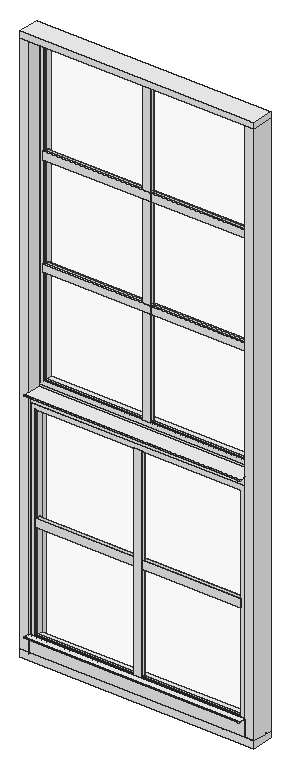
Revit family "Single_Hung-PGT-Aluminum-SH700-Proviewd", category Windows, host Wall, Revit 2015
Parameters (values of type "Refer to Type Catalog")
  Width Calc = Width - 3.498"  # 26.502"
  URL = "http://www.pgtindustries.com/"
  Type Comments = "Proview/Oriel"  # constant formula
  Top Sash = if(not(Height > 31.9"), (((Height - 7") / 3) * 2) + 3.409", (((Height - 7") / 5) * 3) + 3.309")  # 42.309"
  Rough Width = Width  # 30"
  Rough Height = Height  # 72"
  Product Style Guide = "http://www.pgtindustries.com/pro-zone/architect/download?destination=node/97061"
  Product Page URL = "http://www.pgtindustries.com/product-overview/sh700"
  Model = "SH700"  # constant formula
  Minimum Size = "13 1/2” x 30”"  # constant formula
  Maximum Size = "53 1/8” x 76”"  # constant formula
  Manufacturer = "PGT Industries"  # constant formula
  Height Calc Top = Top Sash - 3.356"  # 38.953"
  Height Calc Bottom = Height - (Top Sash + 3.591")  # 26.1"
  Height = 72"
  Grid Type Top Sash = Face_Based_Mullion_ 401 : 2C3R
  Grid Type Bottom Sash = Face_Based_Mullion_ 401 : 2C2R
  Grid Layout Note = "To edit the grid layout ensure the 'Grid' parameter is turned on and then select an option from the 'Grid Type Bottom Sash' & 'Grid Type Top Sash' drop downs.  Please refer to the 'Product Style Guide' for standard configurations and restrictions."  # constant formula
  Grid = yes
  Finish = Metal - PGT - Paint - White
  Description = "Aluminum Single Hung Window - Proview"  # constant formula
  Default Sill Height = 36"
  Wall Closure = By host
  Width = 30"
  Custom Design Note = "The types included show default grid/size configurations.  Please reference the 'Product Style Guide' to see all standard configurations and restrictions before creating custom designs.  Please contact PGT Industries with any questions regarding custom designs."  # constant formula
  Construction Type = ""
  Color Glass = Glass - PGT - Clear
  BP Calc = Width Calc / 6  # 4.417"
  Assembly Code = "B2020.10"
  Analytic Construction = "<None>"
Reference planes (in)
  plane 1 "Center (Front/Back)": y = 0
  plane 2: z = -0.001
  plane 3 "Center (Left/Right)": x = 0
  plane 4 "Left": x = -15
  plane 5 "Right": x = 15
  plane 6 "Sill": z = 35.999
  plane 7 "Top": z = 107.999
  plane 8 "Exterior Face": y = 3
  plane 9: x = 13.876
  plane 10: x = -13.876
  plane 11: z = 36.65386
  plane 12 "Meeting": z = 65.69
  plane 13: z = 67.058
  plane 14: z = 67.683
  plane 15: z = 65.065
  plane 16: x = -13.251
  plane 17: x = 13.251
  plane 18: z = 38.965
  plane 19 "Interior Face": y = 0.278
  plane 20: y = 3.062
  plane 21: z = 38.34
  plane 22: z = 106.636
  plane 23: z = 107.261
  plane 24: y = 0.45962
  plane 25 "Exterior Face of Glass Upper": y = 2.353
  plane 26 "Exterior Face of Glass Lower": y = 0.93986
  plane 27: y = 1.952
  plane 28: y = 0.53886
  plane 29: z = 87.1595
  plane 30: z = 52.015
Forms (in)
  Sweep 1, solid, material "Metal - PGT - Paint - White" <- "Finish"
    path origin (0, 0, 107.999) x (0, -1, 0) y (1, 0, 0)
      loop
        line (-3, -15) -> (-3, 15)
    profile "Profile-SH700-Top_Rail : Profile-SH700-Top_Rail" origin (0, 3, 107.999) x (0, 1, 0) y (0, 0, 1)
      loop
        line (-2.722, -0.738) -> (0.062, -0.738) -> (0.062, 0) -> (-2.722, 0) -> (-2.722, -0.738)
  Sweep 2, solid, material "Metal - PGT - Paint - White" <- "Finish"
    path origin (0, 0, 35.999) x (0, -1, 0) y (1, 0, 0)
      loop
        line (-3, -15) -> (-3, 15)
    profile "Profile-SH700-Bottom_Rail : Profile-SH700-Bottom_Rail" origin (0, 3, 35.999) x (0, 1, 0) y (0, 0, 1)
      loop
        line (0.062, 0) -> (0.062, 0.65486) -> (-0.667, 0.71864) -> (-0.667, 0.83801)
        arc (-0.667, 0.83801) -> (-0.692, 0.86301) -> (-0.717, 0.83801) r 0.025
        line (-0.717, 0.83801) -> (-0.717, 0.72301) -> (-2.722, 0.89842) -> (-2.722, 0) -> (0.062, 0)
  Sweep 3, solid, material "Metal - PGT - Paint - White" <- "Finish"
    path origin (0, 0, 35.999) x (0, -1, 0) y (1, 0, 0)
      loop
        line (-3, -13.876) -> (-3, 13.876)
    profile "Profile-SH700-Bottom_Sash : Profile-SH700-Bottom_Sash" origin (0, 3, 35.999) x (0, 1, 0) y (0, 0, 1)
      loop
        line (-1.19205, 0.76457) -> (-1.19205, 2.21602)
        arc (-1.19205, 2.21602) -> (-1.22866, 2.30441) -> (-1.31705, 2.34102) r 0.125
        line (-1.31705, 2.34102) -> (-2.54, 2.34102) -> (-2.54, 2.96562) -> (-3.47105, 2.96562)
        arc (-3.47105, 2.96562) -> (-3.51418, 2.93729) -> (-3.50533, 2.88646) r 0.047
        arc (-3.50533, 2.88646) -> (-3.45516, 2.87438) -> (-3.42414, 2.91562) r 0.047
        line (-3.42414, 2.91562) -> (-2.722, 2.91562) -> (-2.722, 0.89842) -> (-1.19205, 0.76457)
  Sweep 4, solid, material "Metal - PGT - Paint - White" <- "Finish"
    path origin (-60, 3, 48) x (-1, 0, 0) y (0, 0, 1)
      loop
        line (-75, -11.34614) -> (-75, 59.262)
    profile "Profile-SH700-Stile : Profile-SH700-Stile" origin (15, 3, 71.95793) x (1, 0, 0) y (0, 1, 0)
      loop
        line (0, 0.062) -> (-1.123, 0.062) -> (-1.123, -2.648) -> (0, -2.648) -> (0, 0.062)
  Sweep 5, solid, material "Metal - PGT - Paint - White" <- "Finish"
    path origin (60, 3, 48) x (1, 0, 0) y (0, 0, -1)
      loop
        line (-75, 11.34614) -> (-75, -59.262)
    profile "Profile-SH700-Stile : Profile-SH700-Stile" origin (-15, 3, 71.95793) x (1, 0, 0) y (0, 1, 0)
      loop
        line (0, 0.062) -> (0, -2.648) -> (1.123, -2.648) -> (1.123, 0.062) -> (0, 0.062)
  Sweep 6, solid, material "Metal - PGT - Paint - White" <- "Finish"
    path origin (0, 0, 65.69) x (0, 1, 0) y (-1, 0, 0)
      loop
        line (3, -13.876) -> (3, 13.872)
    profile "Profile-SH700-Meeting : Profile-SH700-Meeting" origin (0.002, 3, 65.69) x (0, -1, 0) y (0, 0, 1)
      loop
        line (2.54038, 0.00007) -> (2.54038, 1.10283) -> (3.34708, 1.10283)
        arc (3.34708, 1.10283) -> (3.38535, 1.04555) -> (3.45292, 1.05899) r 0.062
        arc (3.45292, 1.05899) -> (3.46635, 1.12656) -> (3.40908, 1.16483) r 0.062
        line (3.40908, 1.16483) -> (1.12299, 1.16483) -> (1.12299, 1.36807) -> (-0.06184, 1.36807) -> (-0.06184, -0.03655) -> (0.66701, -0.03655) -> (0.66701, -0.13824)
        arc (0.66701, -0.13824) -> (0.6921, -0.16333) -> (0.7172, -0.13824) r 0.0251
        line (0.7172, -0.13824) -> (0.7172, 0.00007) -> (2.54038, 0.00007)
  Extrusion 7, solid, material "Glass - PGT - Clear" <- "Color Glass"
    sketch origin (0, 0, 0) x (0, 1, 0) y (0, 0, 1)
      loop
        line (1.952, 106.636) -> (1.952, 67.683) -> (2.077, 67.683) -> (2.077, 106.636) -> (1.952, 106.636)
      loop
        line (2.228, 106.636) -> (2.228, 67.683) -> (2.353, 67.683) -> (2.353, 106.636) -> (2.228, 106.636)
      loop
        line (0.53886, 38.965) -> (0.66386, 38.965) -> (0.66386, 65.065) -> (0.53886, 65.065) -> (0.53886, 38.965)
      loop
        line (0.81486, 38.965) -> (0.93986, 38.965) -> (0.93986, 65.065) -> (0.81486, 65.065) -> (0.81486, 38.965)
    from -13.251 to 13.251
  Sweep 8, solid, material "Metal - PGT - Paint - White" <- "Finish"
    path origin (-60, 3, 48) x (-1, 0, 0) y (0, 0, 1)
      loop
        line (-73.251, 58.636) -> (-73.251, 19.683) -> (-46.749, 19.683) -> (-46.749, 58.636) -> (-73.251, 58.636)
    profile "Profile-SH700-Sash : Profile-SH700-Sash" origin (0, 3, 106.636) x (0, 0, 1) y (0, 1, 0)
      loop
        line (0, 0) -> (0, -0.647) -> (0.503, -0.647) -> (0.503, -1.048) -> (0, -1.048) -> (0, -1.12299) -> (0.625, -1.12299) -> (0.625, 0) -> (0, 0)
  Sweep 9, solid, material "Metal - PGT - Paint - White" <- "Finish"
    path origin (0, 0.278, 0) x (-1, 0, 0) y (0, 0, 1)
      loop
        line (13.251, 65.065) -> (-13.251, 65.065) -> (-13.251, 38.965) -> (13.251, 38.965) -> (13.251, 65.065)
    profile "Profile-SH700-Bottom Sash : Profile-SH700-Bottom Sash" origin (0, 0.278, 65.065) x (0, 0, -1) y (0, 1, 0)
      loop
        line (0, 1.30499) -> (-0.625, 1.30499) -> (-0.625, 0.182) -> (0, 0.182) -> (0, 0.26099) -> (-0.503, 0.26099) -> (-0.503, 0.66199) -> (0, 0.66199) -> (0, 1.30499)
Cuts and joins
  joined: Sweep 4, Sweep 5
Lines and regions (in)
  Opening 1
    outline origin (-60, -3, 0) x (1, 0, 0) y (0, 0, 1)
      loop
        line (45, 107.999) -> (45, 35.999) -> (75, 35.999) -> (75, 107.999) -> (45, 107.999)
  Masking region 1
    outline origin (0, 0, 59.95893) x (1, 0, 0) y (0, 1, 0)
      loop
        line (15, 3.062) -> (-15, 3.062) -> (-15, 0.278) -> (15, 0.278) -> (15, 3.062)
  Split face 1
    outline origin (-13.877, 3.062, 36.65386) x (0, 0, 1) y (0, -1, 0)
      loop
        line (0, 2.60238) -> (30.20097, 2.60238) -> (30.20097, 1.18499) -> (70.60814, 1.18499)
  Split face 2
    outline origin (-15, 0.278, 36.89742) x (1, 0, 0) y (0, 0.996195, -0.087156)
      loop
        line (0, 0.07434) -> (30, 0.07434)
  Split face 3
    outline origin (13.877, 0.352, 36.65386) x (0, 0, 1) y (0, 1, 0)
      loop
        line (70.60814, 1.52501) -> (26.60097, 1.52501) -> (26.60097, 0.18686) -> (0, 0.18686)
Text (in)
  text "EXTERIOR" at (-58.6888, 50.90694, 0), in view "Ref. Level"
  text "INTERIOR" at (-58.6888, -37.76638, 0), in view "Ref. Level"
  text "Exterior" at (0, 43.65631, 123.19604), in view "Left"
  text "Exterior" at (0, 18.29385, 125.04747), in view "Right"
Dimensions and locks (in)
  equal spacing: plane 4 "Left", plane 3 "Center (Left/Right)", plane 5 "Right"
  "Width": plane 4 "Left" to plane 5 "Right"
  "Height": plane 6 "Sill" to plane 7 "Top"
  "Default Sill Height": plane 2 to plane 6 "Sill"
  locked: plane 6 "Sill" to plane 11 at 0.65486
  locked: plane 15 to plane 14 at 2.618
  locked: plane 13 to plane 14 at 0.625
  locked: plane 15 to plane 12 "Meeting" at 0.625
  locked: plane 6 "Sill" to plane 18 at 2.966
  locked: plane 20 to plane 19 "Interior Face" at 2.784
  locked: plane 20 to plane 8 "Exterior Face" at 0.062
  locked: plane 4 "Left" to plane 16 at 1.749
  locked: plane 17 to plane 5 "Right" at 1.749
  locked: plane 17 to plane 9 at 0.625
  locked: plane 10 to plane 16 at 0.625
  locked: plane 21 to plane 18 at 0.625
  locked: plane 22 to plane 7 "Top" at 1.363
  locked: plane 22 to plane 23 at 0.625
  "Top Sash": plane 12 "Meeting" to plane 7 "Top"
  locked: plane 26 "Exterior Face of Glass Lower" to plane 19 "Interior Face" at 0.66186
  locked: plane 8 "Exterior Face" to plane 25 "Exterior Face of Glass Upper" at 0.647
  plane 27 to plane 25 "Exterior Face of Glass Upper" = 0.401"
  plane 26 "Exterior Face of Glass Lower" to plane 28 = 0.401"
  equal spacing: plane 14, plane 29, plane 22
  equal spacing: plane 18, plane 30, plane 15
  plane 17 to plane 16 = 26.502"
  locked: Sweep 6 to plane 14 at 0.82817
  locked: plane 6 "Sill" to Split face 3 sketch curve at 0.65486
  locked: Split face 3 sketch curve to plane 7 "Top" at 0.737
  locked: plane 6 "Sill" to Split face 1 sketch curve at 0.65486
  locked: Split face 1 sketch curve to plane 7 "Top" at 0.737
  locked: Split face 1 sketch curve to plane 13 at 0.20317
  aligned and locked: plane 7 "Top" to Opening 1 sketch curve
  aligned and locked: plane 6 "Sill" to Opening 1 sketch curve  (x2)
  aligned and locked: plane 5 "Right" to Opening 1 sketch curve
  aligned and locked: plane 4 "Left" to Opening 1 sketch curve
  aligned and locked: plane 8 "Exterior Face" to host wall
  aligned and locked: plane 11 to Sweep 4 sketch curve
  aligned and locked: plane 11 to Sweep 5 sketch curve
  aligned and locked: plane 9 to Sweep 3 sketch curve
  aligned and locked: plane 10 to Sweep 3 sketch curve
  aligned and locked: plane 5 "Right" to Sweep 1 sketch curve
  aligned and locked: plane 4 "Left" to Sweep 1 sketch curve
  aligned and locked: plane 22 to Sweep 8 sketch curve
  aligned and locked: Sweep 8 sketch curve to plane 17
  aligned and locked: Sweep 8 sketch curve to plane 14
  aligned and locked: plane 16 to Sweep 8 sketch curve
  aligned and locked: plane 14 to Extrusion 7  (x2)
  aligned and locked: Extrusion 7 to plane 22  (x2)
  aligned and locked: Sweep 9 sketch curve to plane 15
  aligned and locked: Sweep 9 sketch curve to plane 16
  aligned and locked: Sweep 9 sketch curve to plane 18
  aligned and locked: plane 17 to Sweep 9 sketch curve
  aligned and locked: Extrusion 7 to plane 15  (x2)
  aligned and locked: Extrusion 7 to plane 18  (x2)
  aligned and locked: Extrusion 7 to plane 16
  aligned and locked: plane 17 to Extrusion 7
  aligned and locked: plane 3 "Center (Left/Right)" to nested 1
  aligned and locked: nested 1 to plane 19 "Interior Face"
  aligned and locked: nested 2 to plane 3 "Center (Left/Right)"
  aligned and locked: nested 2 to plane 29
  aligned and locked: nested 3 to plane 30
  aligned and locked: nested 3 to plane 3 "Center (Left/Right)"
  aligned and locked: Masking region 1 sketch curve to cut or joined group of Sweep 4, Sweep 5  (x2)
  aligned and locked: nested 1 to Masking region 1 sketch curve
  aligned and locked: Masking region 1 sketch curve to nested 1
  aligned and locked: plane 26 "Exterior Face of Glass Lower" to Extrusion 7
  aligned and locked: Extrusion 7 to plane 28
  aligned and locked: plane 4 "Left" to Split face 2 sketch curve
  aligned and locked: plane 5 "Right" to Split face 2 sketch curve
Automatic sketch dimensions
  Sweep 1 sketch curve to plane 8 "Exterior Face" = 0"
  Sweep 2 sketch curve to plane 5 "Right" = 0"
  Sweep 2 sketch curve to plane 8 "Exterior Face" = 0"
  Sweep 2 sketch curve to plane 4 "Left" = 0"
  Sweep 3 sketch curve to plane 8 "Exterior Face" = 0"
  Sweep 6 sketch curve to plane 8 "Exterior Face" = 0"
  Sweep 6 sketch curve to plane 9 = 0"
  plane 10 to Sweep 6 sketch curve = 0.004"
  plane 5 "Right" to Sweep 4 sketch curve = 0"
  Sweep 4 sketch curve to plane 23 = 0.001"
  plane 4 "Left" to Sweep 5 sketch curve = 0"
  Sweep 5 sketch curve to plane 23 = 0.001"
  Extrusion 7 sketch curve to plane 18 = 0"  (x2)
  plane 15 to Extrusion 7 sketch curve = 0"  (x2)
  plane 14 to Extrusion 7 sketch curve = 0"  (x2)
  plane 22 to Extrusion 7 sketch curve = 0"  (x2)
  Extrusion 7 sketch curve to plane 24 = 0.07924"
  Extrusion 7 sketch curve to Extrusion 7 sketch curve = 1/8"  (x4)
  Extrusion 7 sketch curve to Extrusion 7 sketch curve = 0.151"  (x2)
  Extrusion 7 sketch curve to host wall = 1.048"
  Sweep 2 to Split face 2 sketch curve = 0.07434"
  Split face 3 sketch curve to cut or joined group of Sweep 4, Sweep 5 = 0.18686"
  Split face 3 sketch curve to cut or joined group of Sweep 4, Sweep 5 = 1.18499"
  cut or joined group of Sweep 4, Sweep 5 to Split face 3 sketch curve = 26.60097"
  Split face 1 sketch curve to cut or joined group of Sweep 4, Sweep 5 = 0.10762"
  Split face 1 sketch curve to cut or joined group of Sweep 4, Sweep 5 = 1.18499"
Nested families (in)
  nested 1: "SH700" at (0, 0.278, 59.95893), type "Plan2d"
    with Width 30"
  nested 2: "Face_Based_Mullion_ 401" at (0, 2.353, 87.1595) x (-1, 0, 0) z (0, 1, 0), Width <- "Width Calc", Height <- "Height Calc Top", type <- "Grid Type Top Sash", BP Offset <- "BP Calc", visible <- "Grid", type "2C3R"
    with Width 26.502", Height 38.953", BP Offset 4.417", Glass Thickness 103/256"
  nested 3: "Face_Based_Mullion_ 401" at (0, 0.93986, 52.015) x (-1, 0, 0) z (0, 1, 0), Height <- "Height Calc Bottom", Width <- "Width Calc", type <- "Grid Type Bottom Sash", BP Offset <- "BP Calc", visible <- "Grid", type "2C2R"
    with Width 26.502", Height 26.1", BP Offset 4.417", Glass Thickness 103/256"
Definition of nested family "Face_Based_Mullion_ 401"
  Parameters (values of type "4C2R")
    Width [instance] = 60"
    Mullion Interior = none
    Mullion = none
    Height [instance] = 60"
    Glass Thickness = 87/256"
    Default Elevation = 48"
    BP Offset [instance] = 4.57143"
    BPT = no
    BPR = no
    BPL = no
    BPB = no
    7R = no
    6R = no
    5R = no
    4R = no
    4C = yes
    3R = no
    3C = no
    2R = yes
    2C = no
  Types (9): name | 4C | 3R | 3C | 2R | 2C
    2C2R | no | no | no | yes | yes
    2C3R | no | yes | no | no | yes
    3C3R | no | yes | yes | no | no
    3C2R | no | no | yes | yes | no
    2C1R | no | no | no | no | yes
    3C1R | no | no | yes | no | no
    4C1R | yes | no | no | no | no
    4C3R | yes | yes | no | no | no
    4C2R | yes | no | no | yes | no
  Reference planes (in)
    plane 1 "Center (Front/Back)": y = 0
    plane 2: z = 0
    plane 3 "Center (Left/Right)": x = 0
    plane 4: x = -30
    plane 5: x = 30
    plane 6: y = 30
    plane 7: y = -30
    plane 8: y = 10
    plane 9: y = -10
    plane 10: y = 20
    plane 11: y = -20
    plane 12: x = -10
    plane 13: x = 10
    plane 14: y = 15
    plane 15: y = -15
    plane 16: y = 18
    plane 17: y = 6
    plane 18: y = -6
    plane 19: y = -18
    plane 20: y = -21.42857
    plane 21: y = -12.85714
    plane 22: y = -4.28571
    plane 23: y = 21.42857
    plane 24: y = 12.85714
    plane 25: y = 4.28571
    plane 26: x = -20
    plane 27: x = 20
    plane 28: y = 25.42857
    plane 29: y = -25.42857
    plane 30: x = -15
    plane 31: x = 15
  Forms (in)
    Extrusion 1, solid
      sketch origin (0, 0, 0) x (1, 0, 0) y (0, 1, 0)
        loop
          line (-48, 48) -> (-48, -48) -> (48, -48) -> (48, 48) -> (-48, 48)
      from 0 to -12
  Lines and regions (in)
    model lines, visible <- "5R"
      curve 1: line (-30, -18, 0) -> (30, -18, 0)
      curve 2: line (30, -6, 0) -> (-30, -6, 0)
      curve 3: line (30, 6, 0) -> (-30, 6, 0)
      curve 4: line (30, 18, 0) -> (-30, 18, 0)
    model lines, visible <- "2C"
      curve 5: line (0, 30, 0) -> (0, -30, 0)
    model lines, visible <- "3C"
      curve 6: line (-10, 30, 0) -> (-10, -30, 0)
      curve 7: line (10, 30, 0) -> (10, -30, 0)
    model lines, visible <- "6R"
      curve 8: line (-30, 20, 0) -> (30, 20, 0)
      curve 9: line (-30, 10, 0) -> (30, 10, 0)
      curve 10: line (-30, 0, 0) -> (30, 0, 0)
      curve 11: line (-30, -10, 0) -> (30, -10, 0)
      curve 12: line (-30, -20, 0) -> (30, -20, 0)
    model lines, visible <- "4R"
      curve 13: line (30, 15, 0) -> (-30, 15, 0)
      curve 14: line (30, 0, 0) -> (-30, 0, 0)
      curve 15: line (30, -15, 0) -> (-30, -15, 0)
    model lines, visible <- "7R"
      curve 16: line (-30, 21.42857, 0) -> (30, 21.42857, 0)
      curve 17: line (30, 12.85714, 0) -> (-30, 12.85714, 0)
      curve 18: line (30, 4.28571, 0) -> (-30, 4.28571, 0)
      curve 19: line (30, -4.28571, 0) -> (-30, -4.28571, 0)
      curve 20: line (30, -12.85714, 0) -> (-30, -12.85714, 0)
      curve 21: line (30, -21.42857, 0) -> (-30, -21.42857, 0)
    model lines, visible <- "BPL"
      curve 22: line (-20, 30, 0) -> (-20, -30, 0)
    model lines, visible <- "BPR"
      curve 23: line (20, 30, 0) -> (20, -30, 0)
    model lines, visible <- "2R"
      curve 24: line (-30, 0, 0) -> (30, 0, 0)
    model lines, visible <- "3R"
      curve 25: line (-30, 10, 0) -> (30, 10, 0)
      curve 26: line (-30, -10, 0) -> (30, -10, 0)
    model lines, visible <- "BPB"
      curve 27: line (-30, -25.42857, 0) -> (30, -25.42857, 0)
    model lines, visible <- "BPT"
      curve 28: line (-30, 25.42857, 0) -> (30, 25.42857, 0)
    model lines, visible <- "4C", detail levels coarse
      curve 29: line (-15, 30, 0) -> (-15, -30, 0)
      curve 30: line (15, 30, 0) -> (15, -30, 0)
    model lines, detail levels coarse
      curve 31: line (0, 30, 0) -> (0, -30, 0)
  Dimensions and locks (in)
    equal spacing: plane 6, plane 10, plane 8, plane 1 "Center (Front/Back)", plane 9, plane 11, plane 7
    equal spacing: plane 6, plane 14, plane 1 "Center (Front/Back)"
    equal spacing: plane 7, plane 15, plane 1 "Center (Front/Back)"
    equal spacing: plane 6, plane 16, plane 17, plane 18, plane 19, plane 7
    "Width": plane 4 to plane 5
    "Height": plane 6 to plane 7
    equal spacing: plane 6, plane 23, plane 24, plane 25, plane 22, plane 21, plane 20, plane 7
    equal spacing: plane 4, plane 26, plane 12, plane 3 "Center (Left/Right)", plane 13, plane 27, plane 5
    "BP Offset": plane 7 to plane 29
    "BP Offset": plane 6 to plane 28
    equal spacing: plane 4, plane 30, plane 3 "Center (Left/Right)"
    equal spacing: plane 3 "Center (Left/Right)", plane 31, plane 5
    aligned and locked: plane 2 to Extrusion 1
    aligned and locked: level to Extrusion 1
    aligned and locked: plane 4 to curve 1
    aligned and locked: curve 1 to plane 19
    aligned and locked: plane 18 to curve 2
    aligned and locked: plane 5 to curve 3
    aligned and locked: plane 17 to curve 3
    aligned and locked: plane 5 to curve 4
    aligned and locked: plane 16 to curve 4
    aligned and locked: plane 6 to curve 5
    aligned and locked: curve 5 to plane 3 "Center (Left/Right)"
    aligned and locked: plane 13 to curve 7
    aligned and locked: plane 4 to curve 8
    aligned and locked: curve 8 to plane 10
    aligned and locked: plane 4 to curve 9
    aligned and locked: curve 9 to plane 8
    aligned and locked: plane 4 to curve 10
    aligned and locked: plane 1 "Center (Front/Back)" to curve 10
    aligned and locked: plane 4 to curve 11
    aligned and locked: curve 11 to plane 9
    aligned and locked: plane 4 to curve 12
    aligned and locked: curve 12 to plane 11
    aligned and locked: plane 5 to curve 13
    aligned and locked: curve 13 to plane 14
    aligned and locked: plane 5 to curve 14
    aligned and locked: curve 14 to plane 1 "Center (Front/Back)"
    aligned and locked: plane 5 to curve 15
    aligned and locked: plane 15 to curve 15
    aligned and locked: plane 4 to curve 16
    aligned and locked: curve 16 to plane 23
    aligned and locked: plane 5 to curve 17
    aligned and locked: plane 24 to curve 17
    aligned and locked: plane 5 to curve 18
    aligned and locked: plane 25 to curve 18
    aligned and locked: plane 5 to curve 19
    aligned and locked: plane 22 to curve 19
    aligned and locked: plane 5 to curve 20
    aligned and locked: plane 21 to curve 20
    aligned and locked: plane 5 to curve 21
    aligned and locked: plane 20 to curve 21
    aligned and locked: plane 6 to curve 22
    aligned and locked: curve 22 to plane 26
    aligned and locked: plane 6 to curve 23
    aligned and locked: curve 23 to plane 27
    aligned and locked: plane 4 to curve 24
    aligned and locked: plane 1 "Center (Front/Back)" to curve 24
    aligned and locked: plane 4 to curve 25
    aligned and locked: curve 25 to plane 8
    aligned and locked: plane 4 to curve 26
    aligned and locked: curve 26 to plane 9
    aligned and locked: plane 4 to curve 27
    aligned and locked: plane 29 to curve 27
    aligned and locked: plane 4 to curve 28
    aligned and locked: plane 5 to curve 28
    aligned and locked: curve 28 to plane 28
    aligned and locked: nested 2 to plane 1 "Center (Front/Back)"
    aligned and locked: plane 3 "Center (Left/Right)" to nested 1
    aligned and locked: plane 8 to nested 4
    aligned and locked: plane 9 to nested 3
    aligned and locked: plane 3 "Center (Left/Right)" to nested 3
    aligned and locked: plane 3 "Center (Left/Right)" to nested 4
    aligned and locked: plane 12 to nested 5
    aligned and locked: nested 6 to plane 13
    aligned and locked: plane 1 "Center (Front/Back)" to nested 5
    aligned and locked: plane 1 "Center (Front/Back)" to nested 6
    aligned and locked: nested 7 to plane 14
    aligned and locked: plane 3 "Center (Left/Right)" to nested 7
    aligned and locked: nested 8 to plane 1 "Center (Front/Back)"
    aligned and locked: plane 3 "Center (Left/Right)" to nested 8
    aligned and locked: plane 15 to nested 9
    aligned and locked: plane 3 "Center (Left/Right)" to nested 9
    aligned and locked: plane 19 to nested 13
    aligned and locked: plane 3 "Center (Left/Right)" to nested 13
    aligned and locked: plane 18 to nested 12
    aligned and locked: plane 3 "Center (Left/Right)" to nested 12
    aligned and locked: plane 17 to nested 11
    aligned and locked: plane 3 "Center (Left/Right)" to nested 11
    aligned and locked: plane 16 to nested 10
    aligned and locked: plane 3 "Center (Left/Right)" to nested 10
    aligned and locked: plane 10 to nested 18
    aligned and locked: plane 3 "Center (Left/Right)" to nested 18
    aligned and locked: plane 8 to nested 17
    aligned and locked: plane 3 "Center (Left/Right)" to nested 17
    aligned and locked: nested 16 to plane 1 "Center (Front/Back)"
    aligned and locked: plane 3 "Center (Left/Right)" to nested 16
    aligned and locked: plane 9 to nested 15
    aligned and locked: plane 3 "Center (Left/Right)" to nested 15
    aligned and locked: plane 11 to nested 14
    aligned and locked: plane 3 "Center (Left/Right)" to nested 14
    aligned and locked: plane 23 to nested 23
    aligned and locked: plane 3 "Center (Left/Right)" to nested 23
    aligned and locked: plane 24 to nested 22
    aligned and locked: plane 3 "Center (Left/Right)" to nested 22
    aligned and locked: plane 25 to nested 21
    aligned and locked: plane 3 "Center (Left/Right)" to nested 21
    aligned and locked: plane 21 to nested 20
    aligned and locked: plane 3 "Center (Left/Right)" to nested 20
    aligned and locked: plane 20 to nested 19
    aligned and locked: plane 3 "Center (Left/Right)" to nested 19
    aligned and locked: plane 22 to nested 24
    aligned and locked: plane 3 "Center (Left/Right)" to nested 24
    aligned and locked: plane 28 to nested 27
    aligned and locked: plane 3 "Center (Left/Right)" to nested 27
    aligned and locked: plane 27 to nested 26
    aligned and locked: plane 26 to nested 25
    aligned and locked: plane 1 "Center (Front/Back)" to nested 26
    aligned and locked: plane 1 "Center (Front/Back)" to nested 25
    aligned and locked: nested 28 to plane 29
    aligned and locked: plane 3 "Center (Left/Right)" to nested 28
    aligned and locked: curve 29 to plane 30
    aligned and locked: plane 6 to curve 29
    aligned and locked: plane 7 to curve 29
    aligned and locked: plane 6 to curve 30
    aligned and locked: curve 30 to plane 31
    aligned and locked: plane 30 to nested 30
    aligned and locked: plane 31 to nested 29
    aligned and locked: plane 1 "Center (Front/Back)" to nested 30
    aligned and locked: plane 1 "Center (Front/Back)" to nested 29
    aligned and locked: plane 6 to curve 31
    aligned and locked: curve 31 to plane 3 "Center (Left/Right)"
    aligned and locked: plane 3 "Center (Left/Right)" to nested 31
    aligned and locked: plane 1 "Center (Front/Back)" to nested 31
    aligned and locked: plane 6 to nested 31
    aligned and locked: plane 7 to nested 31
  Automatic sketch dimensions
    Extrusion 1 sketch curve to Extrusion 1 sketch curve = 96"  (x2)
    curve 15 to plane 4 = 0"
    curve 2 to plane 4 = 0"
    curve 18 to plane 4 = 0"
    curve 3 to plane 4 = 0"
    curve 4 to plane 4 = 0"
    curve 14 to plane 4 = 0"
    curve 19 to plane 4 = 0"
    curve 13 to plane 4 = 0"
    curve 20 to plane 4 = 0"
    curve 21 to plane 4 = 0"
    curve 17 to plane 4 = 0"
    curve 6 to plane 7 = 0"
    curve 6 to plane 12 = 0"
    curve 12 to plane 5 = 0"
    curve 11 to plane 5 = 0"
    curve 10 to plane 5 = 0"
    curve 24 to plane 5 = 0"
    curve 8 to plane 5 = 0"
    curve 25 to plane 5 = 0"
    curve 26 to plane 5 = 0"
    curve 27 to plane 5 = 0"
    curve 2 to plane 5 = 0"
    curve 9 to plane 5 = 0"
    curve 1 to plane 5 = 0"
    curve 16 to plane 5 = 0"
    curve 31 to plane 7 = 0"
    curve 7 to plane 7 = 0"
    curve 30 to plane 7 = 0"
    curve 5 to plane 7 = 0"
    curve 22 to plane 7 = 0"
    curve 23 to plane 7 = 0"
    curve 6 to plane 6 = 0"
    curve 7 to plane 6 = 0"
  Nested families (in)
    nested 1: "Mullion 1 Inch Spacing" at (0, 0, 0), visible <- "2C", Length <- "Height", type "Mullion", detail levels medium+fine
      with Length 60"
    nested 2: "Mullion 1 Inch Spacing" at (0, 0, 0) x (0, 1, 0) z (0, 0, 1), visible <- "2R", Length <- "Width", type "Mullion", detail levels medium+fine
      with Length 60"
    nested 3: "Mullion 1 Inch Spacing" at (0, -10, 0) x (0, 1, 0) z (0, 0, 1), visible <- "3R", Length <- "Width", type "Mullion", detail levels medium+fine
      with Length 60"
    nested 4: "Mullion 1 Inch Spacing" at (0, 10, 0) x (0, 1, 0) z (0, 0, 1), visible <- "3R", Length <- "Width", type "Mullion", detail levels medium+fine
      with Length 60"
    nested 5: "Mullion 1 Inch Spacing" at (-10, 0, 0), visible <- "3C", Length <- "Height", type "Mullion", detail levels medium+fine
      with Length 60"
    nested 6: "Mullion 1 Inch Spacing" at (10, 0, 0), visible <- "3C", Length <- "Height", type "Mullion", detail levels medium+fine
      with Length 60"
    nested 7: "Mullion 1 Inch Spacing" at (0, 15, 0) x (0, 1, 0) z (0, 0, 1), visible <- "4R", Length <- "Width", type "Mullion", detail levels medium+fine
      with Length 60"
    nested 8: "Mullion 1 Inch Spacing" at (0, 0, 0) x (0, 1, 0) z (0, 0, 1), visible <- "4R", Length <- "Width", type "Mullion", detail levels medium+fine
      with Length 60"
    nested 9: "Mullion 1 Inch Spacing" at (0, -15, 0) x (0, 1, 0) z (0, 0, 1), visible <- "4R", Length <- "Width", type "Mullion", detail levels medium+fine
      with Length 60"
    nested 10: "Mullion 1 Inch Spacing" at (0, 18, 0) x (0, 1, 0) z (0, 0, 1), Length <- "Width", visible <- "5R", type "Mullion", detail levels medium+fine
      with Length 60"
    nested 11: "Mullion 1 Inch Spacing" at (0, 6, 0) x (0, 1, 0) z (0, 0, 1), Length <- "Width", visible <- "5R", type "Mullion", detail levels medium+fine
      with Length 60"
    nested 12: "Mullion 1 Inch Spacing" at (0, -6, 0) x (0, 1, 0) z (0, 0, 1), Length <- "Width", visible <- "5R", type "Mullion", detail levels medium+fine
      with Length 60"
    nested 13: "Mullion 1 Inch Spacing" at (0, -18, 0) x (0, 1, 0) z (0, 0, 1), Length <- "Width", visible <- "5R", type "Mullion", detail levels medium+fine
      with Length 60"
    nested 14: "Mullion 1 Inch Spacing" at (0, -20, 0) x (0, 1, 0) z (0, 0, 1), visible <- "6R", Length <- "Width", type "Mullion", detail levels medium+fine
      with Length 60"
    nested 15: "Mullion 1 Inch Spacing" at (0, -10, 0) x (0, 1, 0) z (0, 0, 1), visible <- "6R", Length <- "Width", type "Mullion", detail levels medium+fine
      with Length 60"
    nested 16: "Mullion 1 Inch Spacing" at (0, 0, 0) x (0, 1, 0) z (0, 0, 1), visible <- "6R", Length <- "Width", type "Mullion", detail levels medium+fine
      with Length 60"
    nested 17: "Mullion 1 Inch Spacing" at (0, 10, 0) x (0, 1, 0) z (0, 0, 1), visible <- "6R", Length <- "Width", type "Mullion", detail levels medium+fine
      with Length 60"
    nested 18: "Mullion 1 Inch Spacing" at (0, 20, 0) x (0, 1, 0) z (0, 0, 1), visible <- "6R", Length <- "Width", type "Mullion", detail levels medium+fine
      with Length 60"
    nested 19: "Mullion 1 Inch Spacing" at (0, -21.42857, 0) x (0, 1, 0) z (0, 0, 1), visible <- "7R", Length <- "Width", type "Mullion", detail levels medium+fine
      with Length 60"
    nested 20: "Mullion 1 Inch Spacing" at (0, -12.85714, 0) x (0, 1, 0) z (0, 0, 1), visible <- "7R", Length <- "Width", type "Mullion", detail levels medium+fine
      with Length 60"
    nested 21: "Mullion 1 Inch Spacing" at (0, 4.28571, 0) x (0, 1, 0) z (0, 0, 1), visible <- "7R", Length <- "Width", type "Mullion", detail levels medium+fine
      with Length 60"
    nested 22: "Mullion 1 Inch Spacing" at (0, 12.85714, 0) x (0, 1, 0) z (0, 0, 1), visible <- "7R", Length <- "Width", type "Mullion", detail levels medium+fine
      with Length 60"
    nested 23: "Mullion 1 Inch Spacing" at (0, 21.42857, 0) x (0, 1, 0) z (0, 0, 1), visible <- "7R", Length <- "Width", type "Mullion", detail levels medium+fine
      with Length 60"
    nested 24: "Mullion 1 Inch Spacing" at (0, -4.28571, 0) x (0, 1, 0) z (0, 0, 1), visible <- "7R", Length <- "Width", type "Mullion", detail levels medium+fine
      with Length 60"
    nested 25: "Mullion 1 Inch Spacing" at (-20, 0, 0), Length <- "Height", visible <- "BPL", type "Mullion", detail levels medium+fine
      with Length 60"
    nested 26: "Mullion 1 Inch Spacing" at (20, 0, 0), Length <- "Height", visible <- "BPR", type "Mullion", detail levels medium+fine
      with Length 60"
    nested 27: "Mullion 1 Inch Spacing" at (0, 25.42857, 0) x (0, 1, 0) z (0, 0, 1), visible <- "BPT", Length <- "Width", type "Mullion", detail levels medium+fine
      with Length 60"
    nested 28: "Mullion 1 Inch Spacing" at (0, -25.42857, 0) x (0, 1, 0) z (0, 0, 1), Length <- "Width", visible <- "BPB", type "Mullion", detail levels medium+fine
      with Length 60"
    nested 29: "Mullion 1 Inch Spacing" at (15, 0, 0), visible <- "4C", Length <- "Height", type "Mullion", detail levels medium+fine
      with Length 60"
    nested 30: "Mullion 1 Inch Spacing" at (-15, 0, 0), visible <- "4C", Length <- "Height", type "Mullion", detail levels medium+fine
      with Length 60"
    nested 31: "Mullion 1 Inch Spacing" at (0, 0, 0), visible <- "4C", Length <- "Height", type "Mullion"
      with Length 60"
  Definition of nested family "Mullion 1 Inch Spacing"
    Parameters (values of type "Mullion")
      Mullion Interior = none
      Mullion = none
      Length [instance] = 60"
      Glass Thickness = 87/256"
      Default Elevation = 48"
    Reference planes (in)
      plane 1 "Center (Front/Back)": y = 0
      plane 2: z = 0
      plane 3 "Center (Left/Right)": x = 0
      plane 4: y = 30
      plane 5: y = -30
      plane 6: z = -0.33984
    Forms (in)
      Extrusion 1, solid
        sketch origin (0, 0, 0) x (1, 0, 0) y (0, 1, 0)
          loop
            line (-48, 48) -> (-48, -48) -> (48, -48) -> (48, 48) -> (-48, 48)
        from 0 to -12
      Sweep 2, solid, material <- "Mullion"
        path origin (0, 0, 0) x (1, 0, 0) y (0, 1, 0)
          loop
            line (0, -30) -> (0, 30)
        profile origin (0, 0, 0) x (-1, 0, 0) y (0, 0, 1)
          loop
            line (-0.5, 0) -> (0.5, 0) -> (0.5, 0.1) -> (-0.5, 0.1) -> (-0.5, 0)
          loop
            line (-0.5, -0.43984) -> (0.5, -0.43984) -> (0.5, -0.33984) -> (-0.5, -0.33984) -> (-0.5, -0.43984)
    Dimensions and locks (in)
      equal spacing: plane 4, plane 1 "Center (Front/Back)", plane 5
      "Length": plane 4 to plane 5
      locked: plane 6 to Sweep 2 sketch curve at 0.1
      "Glass Thickness": Extrusion 1 to plane 6
      aligned and locked: plane 2 to Extrusion 1
      aligned and locked: level to Extrusion 1
      aligned and locked: plane 3 "Center (Left/Right)" to Sweep 2 sketch curve
      aligned and locked: plane 5 to Sweep 2 sketch curve
      aligned and locked: plane 6 to Sweep 2 sketch curve
    Automatic sketch dimensions
      Extrusion 1 sketch curve to Extrusion 1 sketch curve = 96"  (x2)
      Sweep 2 sketch curve to plane 4 = 0"
      Sweep 2 sketch curve to level = 0"
      profile plane to Sweep 2 sketch curve = 1/2"
      Sweep 2 sketch curve to Sweep 2 sketch curve = 0"  (x2)
      Sweep 2 sketch curve to profile plane = 1/2"
      level to Sweep 2 sketch curve = 0.1"
Definition of nested family "SH700"
  Parameters (values of type "Plan2d")
    Width = 36"
  Reference planes (in)
    plane 1 "Center (Front/Back)": y = 0
    plane 2: z = 0
    plane 3 "Center (Left/Right)": x = 0
    plane 4: x = 18
    plane 5: x = -18
    plane 6: x = -16.249
    plane 7: x = 16.249
  Lines and regions (in)
    detail lines, in view "Ref. Level", detail levels coarse
      curve 1: line (-16.249, 0.66186, 59.95893) -> (-16.249, 0.25339, 59.95893)
      curve 2: line (16.249, 0.66186, 59.95893) -> (16.249, 0.26086, 59.95893)
      curve 3: line (16.249, 0.46136, 59.95893) -> (-16.249, 0.46136, 59.95893)
    detail lines, in view "Ref. Level"
      curve 4: line (-16.249, 0, 59.95893) -> (-16.249, 0.26086, 59.95893)
      curve 5: line (-16.249, 0.66186, 59.95893) -> (-16.249, 1.30461, 59.95893)
      curve 6: line (-16.251, 1.30461, 59.95893) -> (-16.876, 1.30461, 59.95893)
      curve 7: line (-16.876, 1.30461, 59.95893) -> (-16.876, 2.784, 59.95893)
      curve 8: line (-16.876, 2.784, 59.95893) -> (-18, 2.784, 59.95893)
      curve 9: line (-16.249, 0, 59.95893) -> (-18.001, 0, 59.95893)
      curve 14: line (16.249, 0.26086, 59.95893) -> (16.249, 0, 59.95893)
      curve 15: line (16.251, 0, 59.95893) -> (18, 0, 59.95893)
      curve 16: line (16.249, 0.66186, 59.95893) -> (16.249, 1.30461, 59.95893)
      curve 17: line (16.876, 2.784, 59.95893) -> (18, 2.784, 59.95893)
      curve 18: line (16.251, 1.30461, 59.95893) -> (16.876, 1.30461, 59.95893)
      curve 19: line (16.876, 1.30461, 59.95893) -> (16.876, 2.784, 59.95893)
      curve 28: line (-18, 2.784, 0) -> (-18, 0, 0)
      curve 29: line (18, 2.784, 0) -> (18, 0, 0)
    detail lines, in view "Ref. Level", detail levels medium+fine
      curve 10: line (-16.876, 1.30461, 59.95893) -> (-16.876, 0, 59.95893)
      curve 11: line (16.249, 0.26086, 59.95893) -> (16.754, 0.26086, 59.95893)
      curve 12: line (16.754, 0.26086, 59.95893) -> (16.754, 0.66186, 59.95893)
      curve 13: line (16.754, 0.66186, 59.95893) -> (16.249, 0.66186, 59.95893)
      curve 20: line (-16.251, 0.66186, 59.95893) -> (-16.751, 0.66186, 59.95893)
      curve 21: line (-16.751, 0.66186, 59.95893) -> (-16.751, 0.26086, 59.95893)
      curve 22: line (-16.751, 0.26086, 59.95893) -> (-16.249, 0.26086, 59.95893)
      curve 23: line (-16.251, 0.66186, 59.95893) -> (16.249, 0.66186, 59.95893)
      curve 24: line (16.249, 0.26086, 59.95893) -> (-16.249, 0.26086, 59.95893)
      curve 27: line (16.876, 1.30461, 59.95893) -> (16.876, 0, 59.95893)
    detail lines, in view "Ref. Level", detail levels fine
      curve 25: line (-16.751, 0.38586, 59.95893) -> (16.754, 0.38586, 59.95893)
      curve 26: line (16.754, 0.53686, 59.95893) -> (-16.751, 0.53686, 59.95893)
  Dimensions and locks (in)
    equal spacing: plane 5, plane 3 "Center (Left/Right)", plane 4
    locked: plane 5 to plane 6 at 1.751
    plane 7 to plane 4 = 1.751"
    "Width": plane 5 to plane 4
    aligned and locked: curve 28 to plane 5
    aligned and locked: plane 4 to curve 29
    aligned and locked: plane 7 to curve 16
    aligned and locked: plane 6 to curve 5
    aligned and locked: curve 14 to plane 7
    aligned and locked: curve 2 to plane 7
    aligned and locked: curve 13 to curve 23
    aligned and locked: plane 7 to curve 3
    aligned and locked: plane 7 to curve 23
    aligned and locked: curve 1 to plane 6
    aligned and locked: curve 12 to curve 26
    aligned and locked: curve 22 to curve 24
  Automatic sketch dimensions
    plane 1 "Center (Front/Back)" to curve 29 = 0"
    curve 28 to plane 1 "Center (Front/Back)" = 0"
    curve 29 to plane 1 "Center (Front/Back)" = 2.784"
    curve 28 to curve 28 = 2.784"
    curve 1 to plane 1 "Center (Front/Back)" = 0.25339"
    curve 1 to curve 1 = 0.40847"
    curve 2 to plane 1 "Center (Front/Back)" = 0.26086"
    curve 2 to curve 2 = 0.401"
    curve 3 to plane 6 = 0"
    curve 3 to plane 1 "Center (Front/Back)" = 0.46136"
    curve 4 to plane 6 = 0"
    curve 4 to plane 1 "Center (Front/Back)" = 0"
    curve 4 to curve 4 = 0.26086"
    curve 5 to plane 1 "Center (Front/Back)" = 0.66186"
    curve 5 to curve 5 = 0.64275"
    curve 6 to plane 6 = 0.627"
    curve 6 to plane 1 "Center (Front/Back)" = 1.30461"
    curve 6 to plane 6 = 0.002"
    curve 7 to plane 6 = 0.627"
    curve 7 to plane 1 "Center (Front/Back)" = 1.30461"
    curve 7 to curve 7 = 1.47939"
    curve 8 to plane 5 = 0"
    curve 8 to plane 1 "Center (Front/Back)" = 2.784"
    curve 8 to plane 6 = 0.627"
    curve 9 to plane 1 "Center (Front/Back)" = 0"
    curve 9 to plane 5 = 0.001"
    curve 9 to plane 6 = 0"
    curve 10 to plane 1 "Center (Front/Back)" = 0"
    curve 10 to plane 6 = 0.627"
    curve 10 to curve 10 = 1.30461"
    plane 7 to curve 11 = 0"
    curve 11 to curve 11 = 0.505"
    curve 12 to plane 1 "Center (Front/Back)" = 0.26086"
    curve 12 to curve 12 = 0.401"
    plane 7 to curve 13 = 0"
    curve 13 to curve 13 = 0.505"
    plane 1 "Center (Front/Back)" to curve 14 = 0"
    curve 14 to plane 1 "Center (Front/Back)" = 0.26086"
    plane 1 "Center (Front/Back)" to curve 15 = 0"
    curve 15 to plane 4 = 0"
    plane 7 to curve 15 = 0.002"
    curve 16 to plane 1 "Center (Front/Back)" = 0.66186"
    curve 16 to curve 16 = 0.64275"
    curve 17 to plane 4 = 0"
    curve 17 to plane 1 "Center (Front/Back)" = 2.784"
    plane 7 to curve 17 = 0.627"
    plane 7 to curve 18 = 0.002"
    plane 7 to curve 18 = 0.627"
    curve 18 to plane 1 "Center (Front/Back)" = 1.30461"
    plane 7 to curve 19 = 0.627"
    curve 19 to plane 1 "Center (Front/Back)" = 1.30461"
    curve 19 to curve 19 = 1.47939"
    curve 20 to plane 6 = 0.502"
    curve 20 to plane 1 "Center (Front/Back)" = 0.66186"
    curve 20 to plane 6 = 0.002"
    curve 21 to plane 6 = 0.502"
    curve 21 to plane 1 "Center (Front/Back)" = 0.26086"
    curve 21 to curve 21 = 0.401"
    curve 22 to plane 6 = 0.502"
    curve 22 to plane 6 = 0"
    curve 23 to plane 1 "Center (Front/Back)" = 0.66186"
    curve 23 to plane 6 = 0.002"
    curve 24 to plane 6 = 0"
    plane 7 to curve 24 = 0"
    curve 25 to plane 6 = 0.502"
    curve 25 to plane 1 "Center (Front/Back)" = 0.38586"
    plane 7 to curve 25 = 0.505"
    curve 26 to plane 6 = 0.502"
    curve 26 to plane 1 "Center (Front/Back)" = 0.53686"
    plane 7 to curve 26 = 0.505"
    plane 1 "Center (Front/Back)" to curve 27 = 0"
    plane 7 to curve 27 = 0.627"
    curve 27 to plane 1 "Center (Front/Back)" = 1.30461"
    curve 11 to plane 1 "Center (Front/Back)" = 0.26086"
    curve 24 to plane 1 "Center (Front/Back)" = 0.26086"
